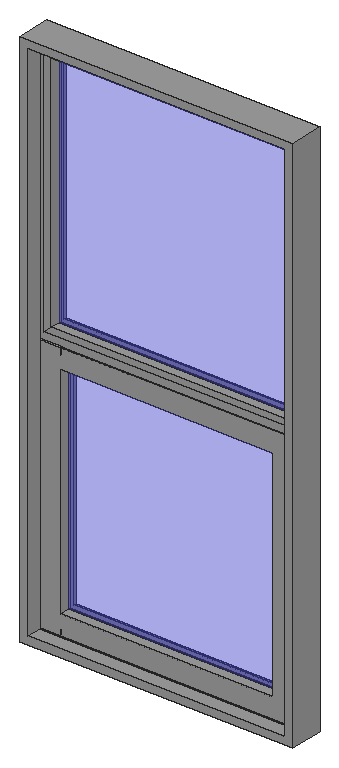
Revit family "16PL IP007_v02", category Windows, host Wall, Revit 2015
Parameters
  Wall Thickness [instance] = 0' - 6"
  URL = "obe.com"
  Transom Height = 3' - 0"
  Rough Width = Width + 0' 0 1/2"  # 3' - 0 1/2"
  Rough Height = Height + 0' 0 1/2"  # 6' - 0 1/2"
  Offset Limitation [instance] = if((Offset + 0' 4 1/2") > Wall Thickness, (Wall Thickness - 0' 4 1/2"), Offset)  # 0' - 0"
  Offset [instance] = 0' - 0"
  Model = "16PL IP007"
  Manufacturer = "Oldcastle BuildingEnvelope®"
  Keynote = "08 51 00"
  Height = Operable Height + Transom Height  # 6' - 0"
  Glass Material = Glass
  Gasket Material = Gasket
  Frame Material = Aluminum
  Operable Height = 3' - 0"
  Description = "SIGNATURE SERIES 16PL"
  Default Sill Height = 2' - 0"
  Wall Closure = By host
  Width = 3' - 0"
  Construction Type = ""
  Assembly Code = "B2020"
Reference planes (in)
  plane 1 "Center (Front/Back)": y = 0
  plane 2: z = 0
  plane 3 "Center (Left/Right)": x = 0
  plane 4 "Left": x = -18.25
  plane 5 "Right": x = 18.25
  plane 6 "Sill": z = 24
  plane 7 "Top": z = 96.5
  plane 8 "Offset": y = 3
  plane 9: x = 18
  plane 10: z = 96.25
  plane 11: x = -18
  plane 12: z = 24.25
  plane 13 "Center": z = 60.25
  plane 14: z = 27.5005
  plane 15: z = 57.812
  plane 16: z = 61.1875
  plane 17: z = 94.5
  plane 18 "INT": y = 1.53125
Forms (in)
  Sweep 1, solid, material "Aluminum" <- "Frame Material"
    path origin (0, 3, 0) x (1, 0, 0) y (0, 0, 1)
      loop
        line (-18, 60.25) -> (-18, 24)
    profile origin (-18, 3, 42.125) x (0, -1, 0) y (1, 0, 0)
      loop
        line (0, -0.25) -> (4.5, -0.25) -> (4.5, 0.75) -> (2.5, 0.75) -> (2.5, 1.375) -> (0.09375, 1.375) -> (0.09375, 2.25) -> (0, 2.25) -> (0, -0.25)
  Sweep 2, solid, material "Aluminum" <- "Frame Material"
    path origin (0, 3, 0) x (-1, 0, 0) y (0, 0, 1)
      loop
        line (-18, 60.25) -> (-18, 24)
    profile origin (18, 3, 42.125) x (0, -1, 0) y (1, 0, 0)
      loop
        line (0, 0.25) -> (0, -2.25) -> (0.09375, -2.25) -> (0.09375, -1.375) -> (2.5, -1.375) -> (2.5, -0.75) -> (4.5, -0.75) -> (4.5, 0.25) -> (0, 0.25)
  Sweep 3, solid, material "Aluminum" <- "Frame Material"
    path origin (0, 3, 0) x (1, 0, 0) y (0, 0, 1)
      loop
        line (18.25, 24.25) -> (-18.25, 24.25)
    profile origin (0, 3, 24.25) x (0, 0, -1) y (0, -1, 0)
      loop
        line (0.25, 0) -> (0.25, 4.5) -> (-0.75, 4.5) -> (-0.75, 2.5) -> (-1.375, 2.5) -> (-1.375, 0.09375) -> (-2.25, 0.09375) -> (-2.25, 0) -> (0.25, 0)
  Sweep 4, solid, material "Aluminum" <- "Frame Material"
    path origin (0, 3, 0) x (1, 0, 0) y (0, 0, 1)
      loop
        line (18, 96.5) -> (18, 60.25)
    profile origin (18, 3, 78.375) x (0, -1, 0) y (1, 0, 0)
      loop
        line (0, 0.25) -> (0, -2.25) -> (0.21875, -2.25) -> (0.21875, -1.75) -> (1.21875, -1.75) -> (1.21875, -2.2505) -> (2.484, -2.2505) -> (2.5, -1.3755) -> (2.5, -0.75) -> (4.5, -0.75) -> (4.5, 0.25) -> (0, 0.25)
  Sweep 5, solid, material "Aluminum" <- "Frame Material"
    path origin (0, 3, 0) x (-1, 0, 0) y (0, 0, 1)
      loop
        line (18, 96.5) -> (18, 60.25)
    profile origin (-18, 3, 78.375) x (0, -1, 0) y (1, 0, 0)
      loop
        line (0, -0.25) -> (4.5, -0.25) -> (4.5, 0.75) -> (2.5, 0.75) -> (2.5, 1.3755) -> (2.484, 2.2505) -> (1.21875, 2.2505) -> (1.21875, 1.75) -> (0.21875, 1.75) -> (0.21875, 2.25) -> (0, 2.25) -> (0, -0.25)
  Sweep 6, solid, material "Aluminum" <- "Frame Material"
    path origin (-84.44175, 3, 84.18689) x (0, 0, 1) y (1, 0, 0)
      loop
        line (12.06311, 102.69175) -> (12.06311, 66.19175)
    profile origin (0, 3, 96.25) x (0, 0, -1) y (0, -1, 0)
      loop
        line (-0.25, 0) -> (2.25, 0) -> (2.25, 0.21875) -> (1.75, 0.21875) -> (1.75, 1.21875) -> (2.2505, 1.21875) -> (2.2505, 2.484) -> (1.3755, 2.5) -> (0.75, 2.5) -> (0.75, 4.5) -> (-0.25, 4.5) -> (-0.25, 0)
  Sweep 7, solid, material "Aluminum" <- "Frame Material"
    path origin (0, 3, 0) x (1, 0, 0) y (0, 0, 1)
      loop
        line (18.25, 60.25) -> (-18.25, 60.25)
    profile origin (0, 3, 60.25) x (0, 0, -1) y (0, -1, 0)
      loop
        line (0, 0) -> (1.4375, 0) -> (1.4375, 0.09354) -> (0.5625, 0.09354) -> (0.5625, 2.5) -> (-0.5635, 2.5) -> (-1.4385, 2.484) -> (-1.4385, 1.21875) -> (-0.938, 1.21875) -> (-0.938, 0.21875) -> (-1.438, 0.21875) -> (-1.438, 0) -> (0, 0)
  Extrusion 8, solid, material "Glass" <- "Glass Material", detail levels coarse
    sketch origin (0, 0, 24) x (0, -1, 0) y (1, 0, 0)
      loop
        line (-2.53125, -14.7495) -> (-1.53125, -14.7495) -> (-1.53125, 14.7495) -> (-2.53125, 14.7495) -> (-2.53125, -14.7495)
    from 3.5005 to 33.812
  Extrusion 9, solid, material "Glass" <- "Glass Material", detail levels coarse
    sketch origin (0, 1.79251, 70.20306) x (0, -1, 0) y (1, 0, 0)
      loop
        line (-0.98874, -16.25) -> (0.01126, -16.25) -> (0.01126, 16.25) -> (-0.98874, 16.25) -> (-0.98874, -16.25)
    from -9.01556 to 24.29694
  Extrusion 10, solid, material "Glass" <- "Glass Material", detail levels medium+fine
    sketch origin (0, 0, 24) x (0, -1, 0) y (1, 0, 0)
      loop
        line (-2.53125, -14.7495) -> (-2.28125, -14.7495) -> (-2.28125, 14.7495) -> (-2.53125, 14.7495) -> (-2.53125, -14.7495)
      loop
        line (-1.76855, 14.7495) -> (-1.76855, -14.7495) -> (-1.53125, -14.7495) -> (-1.53125, 14.7495) -> (-1.76855, 14.7495)
    from 3.5005 to 33.812
  Extrusion 11, solid, material "Glass" <- "Glass Material", detail levels medium+fine
    sketch origin (0, 0, 0) x (1, 0, 0) y (0, 1, 0)
      loop
        line (-16.25, 2.78125) -> (-16.25, 2.53125) -> (16.25, 2.53125) -> (16.25, 2.78125) -> (-16.25, 2.78125)
      loop
        line (16.25, 2.01855) -> (-16.25, 2.01855) -> (-16.25, 1.78125) -> (16.25, 1.78125) -> (16.25, 2.01855)
    from 61.1875 to 94.5
  Sweep 12, solid, material "Aluminum" <- "Frame Material"
    path origin (0, 3, 0) x (1, 0, 0) y (0, 0, 1)
      loop
        line (18, 25.375) -> (18, 59.9375)
    profile origin (18, 3, 42.65625) x (-1, 0, 0) y (0, -1, 0)
      loop
        line (3.7505, 2.75) -> (1.125, 2.75) -> (1.125, 2.65625) -> (2.063, 2.65625) -> (2.063, 0.1875) -> (3.7505, 0.1875) -> (3.7505, 0.46875) -> (3.2505, 0.46875) -> (3.2505, 1.46875) -> (3.7505, 1.46875) -> (3.7505, 2.75)
  Sweep 13, solid, material "Aluminum" <- "Frame Material"
    path origin (0, 3, 0) x (1, 0, 0) y (0, 0, 1)
      loop
        line (-18, 25.375) -> (-18, 59.9375)
    profile origin (-18, 3, 42.65625) x (-1, 0, 0) y (0, -1, 0)
      loop
        line (-3.7505, 2.75) -> (-3.7505, 1.46875) -> (-3.2505, 1.46875) -> (-3.2505, 0.46875) -> (-3.7505, 0.46875) -> (-3.7505, 0.1875) -> (-2.063, 0.1875) -> (-2.063, 2.65625) -> (-1.125, 2.65625) -> (-1.125, 2.75) -> (-3.7505, 2.75)
  Sweep 14, solid, material "Aluminum" <- "Frame Material"
    path origin (0, 3, 0) x (1, 0, 0) y (0, 0, 1)
      loop
        line (16.875, 60.25) -> (-16.875, 60.25)
    profile origin (0, 3, 60.25) x (0, 0, -1) y (0, -1, 0)
      loop
        line (1.25048, 0.1875) -> (2.938, 0.1875) -> (2.938, 0.46875) -> (2.438, 0.46875) -> (2.438, 1.46875) -> (2.9385, 1.46875) -> (2.9385, 2.75) -> (0.3125, 2.75) -> (0.3125, 2.65625) -> (1.25048, 2.65625) -> (1.25048, 0.1875)
  Sweep 15, solid, material "Aluminum" <- "Frame Material"
    path origin (0, 3, 0) x (1, 0, 0) y (0, 0, 1)
      loop
        line (16.875, 24.25) -> (-16.875, 24.25)
    profile origin (0, 3, 24.25) x (0, 0, -1) y (0, -1, 0)
      loop
        line (-3.7505, 1.46875) -> (-3.2505, 1.46875) -> (-3.2505, 0.46875) -> (-3.7505, 0.46875) -> (-3.7505, 0.1875) -> (-2.063, 0.1875) -> (-2.063, 2.65625) -> (-1.125, 2.65625) -> (-1.125, 2.75) -> (-3.7505, 2.75) -> (-3.7505, 1.46875)
Cuts and joins
  joined: Sweep 1, Sweep 2, Sweep 3, Sweep 4, Sweep 5, Sweep 6, Sweep 7
  joined: Sweep 12, Sweep 13, Sweep 14, Sweep 15
Lines and regions (in)
  Opening 1
    outline origin (-60, -3, 0) x (1, 0, 0) y (0, 0, 1)
      loop
        line (41.75, 96.5) -> (41.75, 24) -> (78.25, 24) -> (78.25, 96.5) -> (41.75, 96.5)
  model lines, style "Opening Direction"
    curve 1: line (14.249, 1.53125, 57.3115) -> (0, 1.53125, 28.001)
    curve 2: line (0, 1.53125, 28.001) -> (-14.249, 1.53125, 57.3115)
Text (in)
  text "EXTERIOR" at (-58.6888, 50.90694, 0), in view "Ref. Level"
  text "INTERIOR" at (-58.6888, -52.00762, 0), in view "Ref. Level"
  text "Exterior" at (0, 43.65631, 123.19604), in view "Left"
  text "Exterior" at (0, 18.29385, 125.04747), in view "Right"
  text "Min Operable Size\n\n14\" width x 18\" height\n\n\n\nMin Fixed Size\n\n14\" x 14\"\n\n\n\nMax Operable Size\n\n72\" x 48\"\n\n\n\nMax Fixed Size\n\n72\" x 72\"\n\n\n\nMax Operable Area\n\n20 square feet" at (122.18692, 50.90694, 0), in view "Ref. Level"
Dimensions and locks (in)
  equal spacing: plane 4 "Left", plane 3 "Center (Left/Right)", plane 5 "Right"
  "Rough Width": plane 4 "Left" to plane 5 "Right"
  "Default Sill Height": plane 2 to plane 6 "Sill"
  "Offset Limitation": plane 8 "Offset" to host wall
  "Wall Thickness": host wall to host wall
  locked: plane 9 to plane 5 "Right" at 0.25
  locked: plane 6 "Sill" to plane 12 at 0.25
  "Operable Height": plane 12 to plane 13 "Center"
  "Transom Height": plane 13 "Center" to plane 10
  "Rough Height": plane 6 "Sill" to plane 7 "Top"
  "Width": plane 11 to plane 9
  Extrusion 8 sketch curve to Extrusion 8 sketch curve to plane 8 "Offset" = 0' - 1" locked, 0' - 0 15/32" locked
  locked: plane 14 to plane 12 at 3.2505
  plane 15 to plane 13 "Center" to plane 16 = 0' - 2.438" locked, 0' - 0 15/16" locked
  locked: Extrusion 9 sketch curve to Extrusion 9 sketch curve at 1
  locked: plane 10 to plane 17 at 1.75
  Extrusion 10 sketch curve to Extrusion 10 sketch curve to Extrusion 10 sketch curve to Extrusion 10 sketch curve to plane 8 "Offset" = 0' - 0.2373" locked, 0' - 0.5127" locked, 0' - 0 1/4" locked, 0' - 0 15/32" locked
  Extrusion 11 sketch curve to Extrusion 11 sketch curve to Extrusion 11 sketch curve to Extrusion 11 sketch curve to plane 8 "Offset" = 0' - 0.2373" locked, 0' - 0.5127" locked, 0' - 0 1/4" locked, 0' - 0 7/32" locked
  locked: plane 18 "INT" to plane 8 "Offset" at 1.46875
  aligned and locked: plane 7 "Top" to Opening 1 sketch curve
  aligned and locked: plane 6 "Sill" to Opening 1 sketch curve  (x2)
  aligned and locked: plane 5 "Right" to Opening 1 sketch curve
  aligned and locked: plane 4 "Left" to Opening 1 sketch curve
  aligned and locked: level to plane 2
  aligned and locked: nested 3 to plane 12
  aligned and locked: Sweep 2 sketch curve to plane 9
  aligned and locked: Sweep 4 sketch curve to plane 9
  aligned and locked: Sweep 5 sketch curve to plane 11
  aligned and locked: plane 10 to Sweep 6 sketch curve
  aligned and locked: plane 13 "Center" to Sweep 7 sketch curve
  aligned and locked: plane 15 to Extrusion 8
  aligned and locked: Extrusion 8 to plane 14
  aligned and locked: plane 17 to Extrusion 9
  aligned and locked: Extrusion 9 to plane 16
  aligned and locked: plane 8 "Offset" to nested 1
  aligned and locked: nested 1 to plane 6 "Sill"
  aligned and locked: plane 3 "Center (Left/Right)" to nested 3
  aligned and locked: plane 8 "Offset" to nested 3
  aligned and locked: nested 2 to plane 13 "Center"
  aligned and locked: Extrusion 10 to plane 14
  aligned and locked: plane 15 to Extrusion 10
  aligned and locked: plane 3 "Center (Left/Right)" to nested 2
  aligned and locked: plane 8 "Offset" to nested 2
  aligned and locked: Extrusion 11 to plane 16
  aligned and locked: plane 17 to Extrusion 11
  aligned and locked: Sweep 1 sketch curve to plane 11
  aligned and locked: plane 9 to Sweep 12 sketch curve
  aligned and locked: plane 11 to Sweep 13 sketch curve
  aligned and locked: plane 13 "Center" to Sweep 14 sketch curve
  aligned and locked: plane 12 to Sweep 15 sketch curve
Automatic sketch dimensions
  Sweep 1 sketch curve to plane 6 "Sill" = 0' - 0"
  Sweep 1 sketch curve to plane 13 "Center" = 0' - 0"
  plane 8 "Offset" to Sweep 1 sketch curve = 0' - 0"
  profile plane to Sweep 1 sketch curve = 0' - 0 1/4"
  Sweep 2 sketch curve to plane 6 "Sill" = 0' - 0"
  Sweep 2 sketch curve to plane 13 "Center" = 0' - 0"
  plane 8 "Offset" to Sweep 2 sketch curve = 0' - 0"
  Sweep 2 sketch curve to profile plane = 0' - 0 1/4"
  profile plane to Sweep 2 sketch curve = 0' - 0 3/4"
  plane 4 "Left" to Sweep 3 sketch curve = 0' - 0"
  plane 5 "Right" to Sweep 3 sketch curve = 0' - 0"
  Sweep 3 sketch curve to plane 12 = 0' - 0"
  profile plane to Sweep 3 sketch curve = 0' - 0 3/4"
  Sweep 4 sketch curve to plane 13 "Center" = 0' - 0"
  Sweep 4 sketch curve to plane 7 "Top" = 0' - 0"
  plane 8 "Offset" to Sweep 4 sketch curve = 0' - 0"
  plane 8 "Offset" to Sweep 4 sketch curve = 0' - 0 7/32"
  Sweep 4 sketch curve to Sweep 4 sketch curve = 0' - 1"
  Sweep 4 sketch curve to Sweep 4 sketch curve = 0' - 1.26525"
  profile plane to Sweep 4 sketch curve = 0' - 0 3/4"
  Sweep 4 sketch curve to Sweep 4 sketch curve = 0' - 0.016"
  Sweep 4 sketch curve to profile plane = 0' - 0 1/4"
  Sweep 4 sketch curve to Sweep 4 sketch curve = 0' - 2"
  Sweep 4 sketch curve to Sweep 4 sketch curve = 0' - 0.6255"
  Sweep 4 sketch curve to Sweep 4 sketch curve = 0' - 0.3745"
  Sweep 4 sketch curve to Sweep 4 sketch curve = 0' - 0 1/2"
  Sweep 4 sketch curve to Sweep 4 sketch curve = 0' - 0.5005"
  Sweep 5 sketch curve to plane 13 "Center" = 0' - 0"
  Sweep 5 sketch curve to plane 7 "Top" = 0' - 0"
  plane 8 "Offset" to Sweep 5 sketch curve = 0' - 0"
  plane 8 "Offset" to Sweep 5 sketch curve = 0' - 0 7/32"
  Sweep 5 sketch curve to Sweep 5 sketch curve = 0' - 1"
  Sweep 5 sketch curve to Sweep 5 sketch curve = 0' - 1.26525"
  Sweep 5 sketch curve to profile plane = 0' - 0 3/4"
  Sweep 5 sketch curve to Sweep 5 sketch curve = 0' - 0.016"
  profile plane to Sweep 5 sketch curve = 0' - 0 1/4"
  Sweep 5 sketch curve to Sweep 5 sketch curve = 0' - 2"
  Sweep 5 sketch curve to Sweep 5 sketch curve = 0' - 0.6255"
  Sweep 5 sketch curve to profile plane = 0' - 1 3/4"
  Sweep 5 sketch curve to Sweep 5 sketch curve = 0' - 0 1/2"
  Sweep 5 sketch curve to Sweep 5 sketch curve = 0' - 0.5005"
  plane 4 "Left" to Sweep 6 sketch curve = 0' - 0"
  plane 5 "Right" to Sweep 6 sketch curve = 0' - 0"
  Sweep 6 sketch curve to plane 8 "Offset" = 0' - 0"
  profile plane to Sweep 6 sketch curve = 0' - 0 1/4"
  Sweep 6 sketch curve to profile plane = 0' - 0 3/4"
  Sweep 6 sketch curve to Sweep 6 sketch curve = 0' - 0.6255"
  plane 8 "Offset" to Sweep 6 sketch curve = 0' - 0 7/32"
  Sweep 6 sketch curve to profile plane = 0' - 1 3/4"
  Sweep 6 sketch curve to Sweep 6 sketch curve = 0' - 0 1/2"
  Sweep 6 sketch curve to Sweep 6 sketch curve = 0' - 0.5005"
  Sweep 6 sketch curve to Sweep 6 sketch curve = 0' - 1"
  Sweep 6 sketch curve to Sweep 6 sketch curve = 0' - 1.26525"
  Sweep 6 sketch curve to Sweep 6 sketch curve = 0' - 0.016"
  Sweep 6 sketch curve to Sweep 6 sketch curve = 0' - 2"
  plane 4 "Left" to Sweep 7 sketch curve = 0' - 0"
  plane 5 "Right" to Sweep 7 sketch curve = 0' - 0"
  Extrusion 8 sketch curve to plane 11 = 0' - 3.2505"
  plane 9 to Extrusion 8 sketch curve = 0' - 3.2505"
  Extrusion 9 sketch curve to plane 11 = 0' - 1 3/4"
  plane 9 to Extrusion 9 sketch curve = 0' - 1 3/4"
  plane 8 "Offset" to Extrusion 9 sketch curve = 0' - 0 7/32"
  Extrusion 10 sketch curve to plane 11 = 0' - 3.2505"
  Extrusion 10 sketch curve to Extrusion 10 sketch curve = 0' - 0"  (x2)
  plane 9 to Extrusion 10 sketch curve = 0' - 3.2505"
  Extrusion 11 sketch curve to plane 11 = 0' - 1 3/4"
  Extrusion 11 sketch curve to Extrusion 11 sketch curve = 0' - 0"  (x2)
  plane 9 to Extrusion 11 sketch curve = 0' - 1 3/4"
  Sweep 1 sketch curve to Sweep 1 sketch curve = 0' - 2"
  Sweep 1 sketch curve to profile plane = 0' - 0 3/4"
  Sweep 1 sketch curve to Sweep 1 sketch curve = 0' - 0 5/8"
  plane 8 "Offset" to Sweep 1 sketch curve = 0' - 0 3/32"
  Sweep 1 sketch curve to Sweep 1 sketch curve = 0' - 2 13/32"
  Sweep 1 sketch curve to Sweep 1 sketch curve = 0' - 0 7/8"
  plane 8 "Offset" to Sweep 2 sketch curve = 0' - 2 1/2"
  Sweep 2 sketch curve to Sweep 2 sketch curve = 0' - 0 3/32"
  Sweep 2 sketch curve to Sweep 2 sketch curve = 0' - 2"
  Sweep 2 sketch curve to Sweep 2 sketch curve = 0' - 0 5/8"
  Sweep 2 sketch curve to Sweep 2 sketch curve = 0' - 0 7/8"
  plane 8 "Offset" to Sweep 3 sketch curve = 0' - 2 1/2"
  Sweep 3 sketch curve to Sweep 3 sketch curve = 0' - 0 5/8"
  Sweep 3 sketch curve to Sweep 3 sketch curve = 0' - 2"
  Sweep 3 sketch curve to Sweep 3 sketch curve = 0' - 0 7/8"
  Sweep 3 sketch curve to plane 8 "Offset" = 0' - 0"
  Sweep 3 sketch curve to profile plane = 0' - 0 1/4"
  Sweep 3 sketch curve to Sweep 3 sketch curve = 0' - 0 3/32"
  Sweep 7 sketch curve to plane 8 "Offset" = 0' - 0"
  Sweep 7 sketch curve to profile plane = 0' - 0"
  profile plane to Sweep 7 sketch curve = 0' - 0.5635"
  plane 8 "Offset" to Sweep 7 sketch curve = 0' - 0 7/32"
  profile plane to Sweep 7 sketch curve = 0' - 0.938"
  Sweep 7 sketch curve to Sweep 7 sketch curve = 0' - 0 1/2"
  Sweep 7 sketch curve to Sweep 7 sketch curve = 0' - 0 7/8"  (x2)
  Sweep 7 sketch curve to Sweep 7 sketch curve = 0' - 1"
  Sweep 7 sketch curve to Sweep 7 sketch curve = 0' - 1.26525"
  Sweep 7 sketch curve to Sweep 7 sketch curve = 0' - 0.016"
  Sweep 7 sketch curve to profile plane = 0' - 0 9/16"
  Sweep 7 sketch curve to Sweep 7 sketch curve = 0' - 0.09354"
  Sweep 12 sketch curve to plane 12 = 0' - 1 1/8"
  plane 13 "Center" to Sweep 12 sketch curve = 0' - 0 5/16"
  Sweep 12 sketch curve to profile plane = 0' - 1 1/8"
  Sweep 12 sketch curve to Sweep 12 sketch curve = 0' - 0.938"
  Sweep 12 sketch curve to Sweep 12 sketch curve = 0' - 1 3/16"  (x2)
  Sweep 12 sketch curve to Sweep 12 sketch curve = 0' - 0 1/2"  (x2)
  plane 8 "Offset" to Sweep 12 sketch curve = 0' - 0 3/16"
  Sweep 12 sketch curve to Sweep 12 sketch curve = 0' - 0 9/32"
  Sweep 12 sketch curve to Sweep 12 sketch curve = 0' - 1"
  Sweep 12 sketch curve to Sweep 12 sketch curve = 0' - 0 3/32"
  Sweep 13 sketch curve to plane 12 = 0' - 1 1/8"
  plane 13 "Center" to Sweep 13 sketch curve = 0' - 0 5/16"
  profile plane to Sweep 13 sketch curve = 0' - 1 1/8"
  Sweep 13 sketch curve to Sweep 13 sketch curve = 0' - 2.6255"
  Sweep 13 sketch curve to Sweep 13 sketch curve = 0' - 0 3/32"
  Sweep 13 sketch curve to Sweep 13 sketch curve = 0' - 2 15/32"
  plane 8 "Offset" to Sweep 13 sketch curve = 0' - 0 3/16"
  Sweep 13 sketch curve to Sweep 13 sketch curve = 0' - 1 11/16"
  Sweep 13 sketch curve to Sweep 13 sketch curve = 0' - 0 9/32"
  Sweep 13 sketch curve to Sweep 13 sketch curve = 0' - 0 1/2"
  Sweep 13 sketch curve to Sweep 13 sketch curve = 0' - 1"
  Sweep 13 sketch curve to Sweep 13 sketch curve = 0' - 0"
  Sweep 14 sketch curve to plane 11 = 0' - 1 1/8"
  plane 9 to Sweep 14 sketch curve = 0' - 1 1/8"
  Sweep 14 sketch curve to profile plane = 0' - 0 5/16"
  Sweep 14 sketch curve to Sweep 14 sketch curve = 0' - 0.93798"
  Sweep 14 sketch curve to Sweep 14 sketch curve = 0' - 1 3/16"  (x2)
  Sweep 14 sketch curve to Sweep 14 sketch curve = 0' - 1"
  Sweep 14 sketch curve to Sweep 14 sketch curve = 0' - 0 3/32"
  Sweep 14 sketch curve to Sweep 14 sketch curve = 0' - 0 1/2"
  Sweep 14 sketch curve to Sweep 14 sketch curve = 0' - 0.5005"
  plane 8 "Offset" to Sweep 14 sketch curve = 0' - 0 3/16"
  Sweep 14 sketch curve to Sweep 14 sketch curve = 0' - 0 9/32"
  Sweep 15 sketch curve to plane 11 = 0' - 1 1/8"
  plane 9 to Sweep 15 sketch curve = 0' - 1 1/8"
  profile plane to Sweep 15 sketch curve = 0' - 1 1/8"
  Sweep 15 sketch curve to Sweep 15 sketch curve = 0' - 2.6255"
  Sweep 15 sketch curve to Sweep 15 sketch curve = 0' - 0 3/32"
  Sweep 15 sketch curve to Sweep 15 sketch curve = 0' - 1 9/32"
  Sweep 15 sketch curve to Sweep 15 sketch curve = 0' - 1 11/16"
  Sweep 15 sketch curve to Sweep 15 sketch curve = 0' - 2 15/32"
  plane 8 "Offset" to Sweep 15 sketch curve = 0' - 0 3/16"
  Sweep 15 sketch curve to Sweep 15 sketch curve = 0' - 0"
  Sweep 15 sketch curve to Sweep 15 sketch curve = 0' - 0 9/32"
  Sweep 15 sketch curve to Sweep 15 sketch curve = 0' - 0 1/2"
  curve 2 to plane 3 "Center (Left/Right)" = 0' - 0"
  plane 14 to curve 1 = 0' - 0.5005"
  curve 2 to plane 15 = 0' - 0.5005"
  curve 2 to plane 11 = 0' - 3.751"
  curve 1 to plane 15 = 0' - 0.5005"
  plane 9 to curve 1 = 0' - 3.751"
Nested families (in)
  nested 1: "S-16PL-Plan View" at (0, 3, 0), Default Sill Height <- "Default Sill Height", Operable Height <- "Operable Height", Width <- "Width", type "S-16PL-Plan View"
    with Width 3' - 0", Operable Height 3' - 0", Default Sill Height 2' - 0"
  nested 2: "S-16PL-Transom View" at (0, 3, 24.25), Transom Height <- "Transom Height", Width <- "Width", Operable Height <- "Operable Height", type "S-16PL-Transom View"
    with Width 3' - 0", Transom Height 3' - 0", Operable Height 3' - 0"
  nested 3: "S-16PL-Section Fixed_Operable" at (0, 3, 0.25), Default Sill Height <- "Default Sill Height", Operable Height <- "Operable Height", Transom Height <- "Transom Height", Width <- "Width", type "S-16PL-Section Fixed_Operable"
    with Width 3' - 0", Transom Height 3' - 0", Operable Height 3' - 0", Default Sill Height 2' - 0"
Definition of nested family "S-16PL-Plan View"
  Parameters (values of type "S-16PL-Plan View")
    Width [instance] = 2' - 0"
    Operable Height [instance] = 3' - 0"
    Default Sill Height [instance] = 3' - 0"
    Analytic Construction = "<None>"
  Reference planes (in)
    plane 1 "Center (Front/Back)": y = 0
    plane 2: z = 0
    plane 3 "Center (Left/Right)": x = 0
    plane 4: z = 36
    plane 5: z = 72
  Lines and regions (in)
    model lines, not visible
      curve 1: line (0, 0, 72) -> (0, 0, 36)
  Dimensions and locks (in)
    "Default Sill Height": plane 4 to level
    "Operable Height": plane 5 to plane 4
    aligned and locked: plane 2 to level
    aligned and locked: plane 3 "Center (Left/Right)" to nested 1
    aligned and locked: plane 1 "Center (Front/Back)" to nested 1
    aligned and locked: plane 4 to curve 1
    aligned and locked: plane 5 to curve 1
    aligned and locked: curve 1 to plane 1 "Center (Front/Back)"
  Nested families (in)
    nested 1: "S-16PL-Plan View" at (-12, 0, 0), Width <- "Width", type "S-16PL-Plan View"
      with Width 2' - 0"
  Definition of nested family "S-16PL-Plan View"
    Parameters (values of type "S-16PL-Plan View")
      Width [instance] = 2' - 0"
    Reference planes (in)
      plane 1 "Center (Front/Back)": y = 0
      plane 2: z = 0
      plane 3 "C": x = 0
      plane 4: x = 24
      plane 5: x = 20.7495
      plane 6: x = 3.2505
      plane 7 "Center (Left/Right)": x = 12
    Lines and regions (in)
      detail lines, in view "Ref. Level"
        curve 1: line (20.7495, -1.46875, 0) -> (3.2505, -1.46875, 0)
        curve 10: line (20.7495, -0.46875, 0) -> (3.2505, -0.46875, 0)
      detail lines, in view "Ref. Level", detail levels fine
        curve 2: line (20.7495, -1.41145, 0) -> (3.2505, -1.41145, 0)
        curve 3: line (20.7495, -1.35145, 0) -> (3.2505, -1.35145, 0)
        curve 4: line (20.7495, -1.29145, 0) -> (3.2505, -1.29145, 0)
        curve 7: line (20.7495, -0.64875, 0) -> (3.2505, -0.64875, 0)
        curve 8: line (20.7495, -0.58875, 0) -> (3.2505, -0.58875, 0)
        curve 9: line (20.7495, -0.52875, 0) -> (3.2505, -0.52875, 0)
      detail lines, in view "Ref. Level", detail levels medium+fine
        curve 5: line (20.7495, -1.23145, 0) -> (3.2505, -1.23145, 0)
        curve 6: line (20.7495, -0.71875, 0) -> (3.2505, -0.71875, 0)
    Dimensions and locks (in)
      "Width": plane 3 "C" to plane 4
      locked: plane 3 "C" to plane 6 at 3.2505
      locked: plane 5 to plane 4 at 3.2505
      equal spacing: plane 3 "C", plane 7 "Center (Left/Right)", plane 4
      aligned and locked: nested 1 to plane 4
      aligned and locked: nested 1 to plane 1 "Center (Front/Back)"
      aligned and locked: nested 2 to plane 1 "Center (Front/Back)"
      aligned and locked: nested 2 to plane 3 "C"
      aligned and locked: plane 6 to curve 1
      aligned and locked: plane 6 to curve 2
      aligned and locked: plane 6 to curve 3
      aligned and locked: plane 6 to curve 4
      aligned and locked: plane 6 to curve 5
      aligned and locked: plane 6 to curve 6
      aligned and locked: plane 6 to curve 7
      aligned and locked: plane 6 to curve 8
      aligned and locked: plane 6 to curve 9
      aligned and locked: plane 6 to curve 10
      aligned and locked: plane 5 to curve 10
      aligned and locked: plane 5 to curve 9
      aligned and locked: plane 5 to curve 8
      aligned and locked: plane 5 to curve 7
      aligned and locked: plane 5 to curve 6
      aligned and locked: plane 5 to curve 5
      aligned and locked: plane 5 to curve 4
      aligned and locked: plane 5 to curve 3
      aligned and locked: plane 5 to curve 2
      aligned and locked: plane 5 to curve 1
    Automatic sketch dimensions
      plane 1 "Center (Front/Back)" to curve 1 = 0' - 1 15/32"
      curve 1 to curve 2 = 0' - 0.0573"
      curve 2 to curve 3 = 0' - 0.06"
      curve 3 to curve 4 = 0' - 0.06"
      curve 4 to curve 5 = 0' - 0.06"
      curve 5 to curve 6 = 0' - 0.5127"
      curve 6 to curve 7 = 0' - 0.07"
      curve 7 to curve 8 = 0' - 0.06"
      curve 8 to curve 9 = 0' - 0.06"
      curve 9 to curve 10 = 0' - 0.06"
    Nested families (in)
      nested 1: "S-16PL-JAMB L" at (24, 0, 0) x (-1, 0, 0) z (0, 0, 1), type "S-16PL-JAMB L", in view "Ref. Level"
      nested 2: "S-16PL-JAMB R" at (0, 0, 0) x (-1, 0, 0) z (0, 0, 1), type "S-16PL-JAMB R", in view "Ref. Level"
    Definition of nested family "S-16PL-JAMB L"
      Reference planes (in)
        plane 1 "Center (Front/Back)": y = 0
        plane 2: z = 0
        plane 3 "Center (Left/Right)": x = 0
      Lines and regions (in)
        detail lines, in view "Ref. Level"
          curve 1: line (2.8755, 2.75, 0) -> (1.125, 2.75, 0)
          curve 2: line (1.125, 2.75, 0) -> (1.125, 2.5, 0)
          curve 3: line (1.125, 2.5, 0) -> (0.75, 2.5, 0)
          curve 4: line (0.75, 2.5, 0) -> (0.75, 4.5, 0)
          curve 5: line (0.75, 4.5, 0) -> (-0.25, 4.5, 0)
          curve 6: line (-0.25, 4.5, 0) -> (-0.25, 0, 0)
          curve 7: line (-0.25, 0, 0) -> (2.25, 0, 0)
          curve 8: line (2.25, 0, 0) -> (2.25, 0.1875, 0)
          curve 9: line (2.25, 0.1875, 0) -> (3.7505, 0.1875, 0)
          curve 10: line (3.7505, 0.1875, 0) -> (3.7505, 0.46875, 0)
          curve 11: line (3.7505, 0.46875, 0) -> (3.2505, 0.46875, 0)
          curve 12: line (3.2505, 0.46875, 0) -> (3.2505, 1.46875, 0)
          curve 13: line (3.2505, 1.46875, 0) -> (3.7505, 1.46875, 0)
          curve 14: line (3.7505, 1.46875, 0) -> (3.7505, 2.734, 0)
          curve 15: line (3.7505, 2.734, 0) -> (2.8755, 2.75, 0)
    Definition of nested family "S-16PL-JAMB R"
      Reference planes (in)
        plane 1 "Center (Front/Back)": y = 0
        plane 2: z = 0
        plane 3 "Center (Left/Right)": x = 0
      Lines and regions (in)
        detail lines, in view "Ref. Level"
          curve 1: line (-2.8755, 2.75, 0) -> (-1.125, 2.75, 0)
          curve 2: line (-1.125, 2.75, 0) -> (-1.125, 2.5, 0)
          curve 3: line (-1.125, 2.5, 0) -> (-0.75, 2.5, 0)
          curve 4: line (-0.75, 2.5, 0) -> (-0.75, 4.5, 0)
          curve 5: line (-0.75, 4.5, 0) -> (0.25, 4.5, 0)
          curve 6: line (0.25, 4.5, 0) -> (0.25, 0, 0)
          curve 7: line (0.25, 0, 0) -> (-2.25, 0, 0)
          curve 8: line (-2.25, 0, 0) -> (-2.25, 0.1875, 0)
          curve 9: line (-2.25, 0.1875, 0) -> (-3.7505, 0.1875, 0)
          curve 10: line (-3.7505, 0.1875, 0) -> (-3.7505, 0.46875, 0)
          curve 11: line (-3.7505, 0.46875, 0) -> (-3.2505, 0.46875, 0)
          curve 12: line (-3.2505, 0.46875, 0) -> (-3.2505, 1.46875, 0)
          curve 13: line (-3.2505, 1.46875, 0) -> (-3.7505, 1.46875, 0)
          curve 14: line (-3.7505, 1.46875, 0) -> (-3.7505, 2.734, 0)
          curve 15: line (-3.7505, 2.734, 0) -> (-2.8755, 2.75, 0)
Definition of nested family "S-16PL-Transom View"
  Parameters (values of type "S-16PL-Transom View")
    Width [instance] = 2' - 0"
    Transom Height [instance] = 2' - 0"
    Operable Height [instance] = 2' - 0"
    Analytic Construction = "<None>"
  Reference planes (in)
    plane 1 "Center (Front/Back)": y = 0
    plane 2: z = 0
    plane 3 "Center (Left/Right)": x = 0
    plane 4: z = 24
  Lines and regions (in)
    model lines, not visible
      curve 1: line (0, 0, 24) -> (0, 0, 48)
  Dimensions and locks (in)
    "Operable Height": plane 4 to plane 2
    "Transom Height": curve 1 to plane 4
    aligned and locked: plane 2 to level
    aligned and locked: plane 3 "Center (Left/Right)" to nested 1
    aligned and locked: plane 1 "Center (Front/Back)" to nested 1
    aligned and locked: plane 4 to curve 1
    aligned and locked: plane 1 "Center (Front/Back)" to curve 1
  Nested families (in)
    nested 1: "S-16PL-Transom View" at (-12, 0, 0), Width <- "Width", type "S-16PL-Transom View"
      with Width 2' - 0"
  Definition of nested family "S-16PL-Transom View"
    Parameters (values of type "S-16PL-Transom View")
      Width [instance] = 2' - 0"
    Reference planes (in)
      plane 1 "Center (Front/Back)": y = 0
      plane 2: z = 0
      plane 3 "C": x = 0
      plane 4: x = 24
      plane 5: x = 22.25
      plane 6: x = 1.75
      plane 7 "Center (Left/Right)": x = 12
    Lines and regions (in)
      detail lines, in view "Ref. Level"
        curve 1: line (22.25, -1.21875, 0) -> (1.75, -1.21875, 0)
        curve 10: line (22.25, -0.21875, 0) -> (1.75, -0.21875, 0)
      detail lines, in view "Ref. Level", detail levels fine
        curve 2: line (22.25, -1.16145, 0) -> (1.75, -1.16145, 0)
        curve 3: line (22.25, -1.10145, 0) -> (1.75, -1.10145, 0)
        curve 4: line (22.25, -1.04145, 0) -> (1.75, -1.04145, 0)
        curve 7: line (22.25, -0.39875, 0) -> (1.75, -0.39875, 0)
        curve 8: line (22.25, -0.33875, 0) -> (1.75, -0.33875, 0)
        curve 9: line (22.25, -0.27875, 0) -> (1.75, -0.27875, 0)
      detail lines, in view "Ref. Level", detail levels medium+fine
        curve 5: line (22.25, -0.98145, 0) -> (1.75, -0.98145, 0)
        curve 6: line (22.25, -0.46875, 0) -> (1.75, -0.46875, 0)
    Dimensions and locks (in)
      "Width": plane 3 "C" to plane 4
      locked: plane 3 "C" to plane 6 at 1.75
      locked: plane 5 to plane 4 at 1.75
      equal spacing: plane 3 "C", plane 7 "Center (Left/Right)", plane 4
      aligned and locked: nested 1 to plane 1 "Center (Front/Back)"
      aligned and locked: nested 1 to plane 4
      aligned and locked: nested 2 to plane 1 "Center (Front/Back)"
      aligned and locked: nested 2 to plane 3 "C"
      aligned and locked: plane 6 to curve 1
      aligned and locked: plane 6 to curve 2
      aligned and locked: plane 6 to curve 3
      aligned and locked: plane 6 to curve 4
      aligned and locked: plane 6 to curve 5
      aligned and locked: plane 6 to curve 6
      aligned and locked: plane 6 to curve 8
      aligned and locked: plane 6 to curve 7
      aligned and locked: plane 6 to curve 9
      aligned and locked: plane 6 to curve 10
      aligned and locked: plane 5 to curve 10
      aligned and locked: plane 5 to curve 9
      aligned and locked: plane 5 to curve 8
      aligned and locked: plane 5 to curve 7
      aligned and locked: plane 5 to curve 6
      aligned and locked: plane 5 to curve 5
      aligned and locked: plane 5 to curve 4
      aligned and locked: plane 5 to curve 3
      aligned and locked: plane 5 to curve 2
      aligned and locked: plane 5 to curve 1
    Automatic sketch dimensions
      plane 1 "Center (Front/Back)" to curve 1 = 0' - 1 7/32"
      curve 1 to curve 2 = 0' - 0.0573"
      curve 2 to curve 3 = 0' - 0.06"
      curve 3 to curve 4 = 0' - 0.06"
      curve 4 to curve 5 = 0' - 0.06"
      plane 1 "Center (Front/Back)" to curve 6 = 0' - 0 15/32"
      curve 6 to curve 7 = 0' - 0.07"
      curve 7 to curve 8 = 0' - 0.06"
      curve 8 to curve 9 = 0' - 0.06"
      curve 9 to curve 10 = 0' - 0.06"
    Nested families (in)
      nested 1: "S-16PL-JAMB L" at (24, 0, 0) x (-1, 0, 0) z (0, 0, 1), type "S-16PL-JAMB L", in view "Ref. Level"
      nested 2: "S-16PL-JAMB R" at (0, 0, 0) x (-1, 0, 0) z (0, 0, 1), type "S-16PL-JAMB R", in view "Ref. Level"
    Definition of nested family "S-16PL-JAMB L"
      Reference planes (in)
        plane 1 "Center (Front/Back)": y = 0
        plane 2: z = 0
        plane 3 "Center (Left/Right)": x = 0
      Lines and regions (in)
        detail lines, in view "Ref. Level"
          curve 1: line (0.75, 4.5, 0) -> (-0.25, 4.5, 0)
          curve 2: line (-0.25, 4.5, 0) -> (-0.25, 0, 0)
          curve 3: line (-0.25, 0, 0) -> (2.25, 0, 0)
          curve 4: line (2.25, 0, 0) -> (2.25, 0.21875, 0)
          curve 5: line (2.25, 0.21875, 0) -> (1.75, 0.21875, 0)
          curve 6: line (1.75, 0.21875, 0) -> (1.75, 1.21875, 0)
          curve 7: line (1.75, 1.21875, 0) -> (2.25, 1.21875, 0)
          curve 8: line (2.25, 1.21875, 0) -> (2.25, 2.484, 0)
          curve 9: line (2.25, 2.484, 0) -> (1.3755, 2.5, 0)
          curve 10: line (1.3755, 2.5, 0) -> (0.75, 2.5, 0)
          curve 11: line (0.75, 2.5, 0) -> (0.75, 4.5, 0)
    Definition of nested family "S-16PL-JAMB R"
      Reference planes (in)
        plane 1 "Center (Front/Back)": y = 0
        plane 2: z = 0
        plane 3 "Center (Left/Right)": x = 0
      Lines and regions (in)
        detail lines, in view "Ref. Level"
          curve 1: line (-0.75, 4.5, 0) -> (0.25, 4.5, 0)
          curve 2: line (0.25, 4.5, 0) -> (0.25, 0, 0)
          curve 3: line (0.25, 0, 0) -> (-2.25, 0, 0)
          curve 4: line (-2.25, 0, 0) -> (-2.25, 0.21875, 0)
          curve 5: line (-2.25, 0.21875, 0) -> (-1.75, 0.21875, 0)
          curve 6: line (-1.75, 0.21875, 0) -> (-1.75, 1.21875, 0)
          curve 7: line (-1.75, 1.21875, 0) -> (-2.25, 1.21875, 0)
          curve 8: line (-2.25, 1.21875, 0) -> (-2.25, 2.484, 0)
          curve 9: line (-2.25, 2.484, 0) -> (-1.3755, 2.5, 0)
          curve 10: line (-1.3755, 2.5, 0) -> (-0.75, 2.5, 0)
          curve 11: line (-0.75, 2.5, 0) -> (-0.75, 4.5, 0)
Definition of nested family "S-16PL-Section Fixed_Operable"
  Parameters (values of type "S-16PL-Section Fixed_Operable")
    Width [instance] = 3' - 0"
    Transom Height [instance] = 2' - 0"
    Operable Height [instance] = 3' - 0"
    Default Sill Height [instance] = 3' - 0"
    Analytic Construction = "<None>"
  Reference planes (in)
    plane 1 "Center (Front/Back)": y = 0
    plane 2: z = 0
    plane 3 "Center (Left/Right)": x = 0
    plane 4: z = 36
  Lines and regions (in)
    model lines, not visible
      curve 1: line (-18, 0, 0) -> (18, 0, 0)
  Dimensions and locks (in)
    "Default Sill Height": plane 4 to plane 2
    equal spacing: curve 1, plane 3 "Center (Left/Right)", curve 1
    "Width": curve 1 to curve 1
    aligned and locked: plane 2 to level
    aligned and locked: plane 4 to nested 1
    aligned and locked: nested 1 to plane 1 "Center (Front/Back)"
    aligned and locked: plane 1 "Center (Front/Back)" to curve 1
  Nested families (in)
    nested 1: "S-16PL-Section Fixed_Operable" at (0, 0, 36) x (0, -1, 0) z (1, 0, 0), Operable Height <- "Operable Height", Transom Height <- "Transom Height", type "S-16PL-Section Fixed_Operable"
      with Transom Height 2' - 0"
  Definition of nested family "S-16PL-Section Fixed_Operable"
    Parameters (values of type "S-16PL-Section Fixed_Operable")
      Transom Height [instance] = 2' - 0"
      Operable Height [instance] = 3' - 0"
    Reference planes (in)
      plane 1 "Center (Front/Back)": y = 0
      plane 2: z = 0
      plane 3 "Center (Left/Right)": x = 0
      plane 4: y = 60
      plane 5: y = 58.25
      plane 6: y = 3.2505
      plane 7: y = 36
      plane 8: y = 36.9375
      plane 9: y = 33.562
    Lines and regions (in)
      detail lines, in view "Ref. Level"
        curve 1: line (0.21875, 58.25, 0) -> (0.21875, 36.9375, 0)
        curve 10: line (1.21875, 58.25, 0) -> (1.21875, 36.9375, 0)
        curve 11: line (0.46875, 33.562, 0) -> (0.46875, 3.2505, 0)
        curve 20: line (1.46875, 33.562, 0) -> (1.46875, 3.2505, 0)
      detail lines, in view "Ref. Level", detail levels fine
        curve 2: line (0.27605, 58.25, 0) -> (0.27605, 36.9375, 0)
        curve 3: line (0.39605, 58.25, 0) -> (0.39605, 36.9375, 0)
        curve 4: line (0.33605, 58.25, 0) -> (0.33605, 36.9375, 0)
        curve 6: line (1.03875, 58.25, 0) -> (1.03875, 36.9375, 0)
        curve 8: line (1.15875, 58.25, 0) -> (1.15875, 36.9375, 0)
        curve 9: line (1.09875, 58.25, 0) -> (1.09875, 36.9375, 0)
        curve 12: line (0.52605, 33.562, 0) -> (0.52605, 3.2505, 0)
        curve 13: line (0.64605, 33.562, 0) -> (0.64605, 3.2505, 0)
        curve 14: line (0.58605, 33.562, 0) -> (0.58605, 3.2505, 0)
        curve 16: line (1.28875, 33.562, 0) -> (1.28875, 3.2505, 0)
        curve 18: line (1.40875, 33.562, 0) -> (1.40875, 3.2505, 0)
        curve 19: line (1.34875, 33.562, 0) -> (1.34875, 3.2505, 0)
      detail lines, in view "Ref. Level", detail levels medium+fine
        curve 5: line (0.45605, 58.25, 0) -> (0.45605, 36.9375, 0)
        curve 7: line (0.96875, 58.25, 0) -> (0.96875, 36.9375, 0)
        curve 15: line (0.70605, 33.562, 0) -> (0.70605, 3.2505, 0)
        curve 17: line (1.21875, 33.562, 0) -> (1.21875, 3.2505, 0)
    Dimensions and locks (in)
      "Operable Height": plane 1 "Center (Front/Back)" to plane 7
      locked: plane 6 to plane 1 "Center (Front/Back)" at 3.2505
      locked: plane 4 to plane 5 at 1.75
      "Transom Height": plane 4 to plane 7
      plane 8 to plane 7 to plane 9 = 0' - 0 15/16" locked, 0' - 2.438" locked
      aligned and locked: plane 3 "Center (Left/Right)" to nested 1
      aligned and locked: nested 1 to plane 7
      aligned and locked: plane 3 "Center (Left/Right)" to nested 2
      aligned and locked: nested 2 to plane 4
      aligned and locked: plane 5 to curve 10
      aligned and locked: plane 5 to curve 8
      aligned and locked: plane 5 to curve 9
      aligned and locked: plane 5 to curve 6
      aligned and locked: plane 5 to curve 7
      aligned and locked: plane 5 to curve 5
      aligned and locked: plane 5 to curve 3
      aligned and locked: plane 5 to curve 4
      aligned and locked: plane 5 to curve 2
      aligned and locked: plane 5 to curve 1
      aligned and locked: plane 8 to curve 10
      aligned and locked: plane 8 to curve 8
      aligned and locked: plane 8 to curve 9
      aligned and locked: plane 8 to curve 6
      aligned and locked: plane 8 to curve 7
      aligned and locked: plane 8 to curve 5
      aligned and locked: plane 8 to curve 3
      aligned and locked: plane 8 to curve 4
      aligned and locked: plane 8 to curve 2
      aligned and locked: plane 8 to curve 1
      aligned and locked: plane 9 to curve 20
      aligned and locked: plane 9 to curve 19
      aligned and locked: plane 9 to curve 16
      aligned and locked: plane 9 to curve 17
      aligned and locked: plane 9 to curve 15
      aligned and locked: plane 9 to curve 13
      aligned and locked: plane 9 to curve 14
      aligned and locked: plane 9 to curve 11
      aligned and locked: plane 3 "Center (Left/Right)" to nested 3
      aligned and locked: plane 1 "Center (Front/Back)" to nested 3
      aligned and locked: plane 6 to curve 20
      aligned and locked: plane 6 to curve 18
      aligned and locked: plane 6 to curve 19
      aligned and locked: plane 6 to curve 16
      aligned and locked: plane 6 to curve 17
      aligned and locked: plane 6 to curve 15
      aligned and locked: plane 6 to curve 13
      aligned and locked: plane 6 to curve 14
      aligned and locked: plane 6 to curve 12
      aligned and locked: plane 6 to curve 11
    Automatic sketch dimensions
      plane 3 "Center (Left/Right)" to curve 1 = 0' - 0 7/32"
      curve 1 to curve 2 = 0' - 0.0573"
      curve 2 to curve 4 = 0' - 0.06"
      curve 4 to curve 3 = 0' - 0.06"
      curve 3 to curve 5 = 0' - 0.06"
      curve 5 to curve 7 = 0' - 0.5127"
      curve 7 to curve 6 = 0' - 0.07"
      plane 3 "Center (Left/Right)" to curve 11 = 0' - 0 15/32"
      curve 6 to curve 9 = 0' - 0.06"
      curve 11 to curve 12 = 0' - 0.0573"
      curve 9 to curve 8 = 0' - 0.06"
      curve 12 to curve 14 = 0' - 0.06"
      curve 8 to curve 10 = 0' - 0.06"
      curve 14 to curve 13 = 0' - 0.06"
      curve 13 to curve 15 = 0' - 0.06"
      curve 15 to curve 17 = 0' - 0.5127"
      curve 17 to curve 16 = 0' - 0.07"
      curve 16 to curve 19 = 0' - 0.06"
      curve 19 to curve 18 = 0' - 0.06"
      curve 18 to curve 20 = 0' - 0.06"
      curve 12 to curve 14 = 0' - 0"
      curve 18 to curve 20 = 0' - 0"
    Nested families (in)
      nested 1: "S-16PL-HORIZ" at (0, 36, 0), type "S-16PL-HORIZ", in view "Ref. Level"
      nested 2: "S-16PL-HEAD" at (0, 60, 0), type "S-16PL-HEAD", in view "Ref. Level"
      nested 3: "S-16PL-SILL" at (0, 0, 0), type "S-16PL-SILL", in view "Ref. Level"
    Definition of nested family "S-16PL-HORIZ"
      Reference planes (in)
        plane 1 "Center (Front/Back)": y = 0
        plane 2: z = 0
        plane 3 "Center (Left/Right)": x = 0
      Lines and regions (in)
        detail lines, in view "Ref. Level"
          curve 1: line (2.484, 1.438, 0) -> (1.21875, 1.438, 0)
          curve 2: line (1.21875, 1.438, 0) -> (1.21875, 0.9375, 0)
          curve 3: line (1.21875, 0.9375, 0) -> (0.21875, 0.9375, 0)
          curve 4: line (0.21875, 0.9375, 0) -> (0.21875, 1.438, 0)
          curve 5: line (0.21875, 1.438, 0) -> (0, 1.438, 0)
          curve 6: line (0, 1.438, 0) -> (0, -1.4375, 0)
          curve 7: line (0, -1.4375, 0) -> (0.1875, -1.4375, 0)
          curve 8: line (0.1875, -1.4375, 0) -> (0.1875, -2.938, 0)
          curve 9: line (0.1875, -2.938, 0) -> (0.46875, -2.9385, 0)
          curve 10: line (0.46875, -2.9385, 0) -> (0.46875, -2.438, 0)
          curve 11: line (0.46875, -2.438, 0) -> (1.46875, -2.438, 0)
          curve 12: line (1.46875, -2.438, 0) -> (1.46875, -2.9385, 0)
          curve 13: line (1.46875, -2.9385, 0) -> (2.734, -2.9385, 0)
          curve 14: line (2.734, -2.9385, 0) -> (2.75, -2.063, 0)
          curve 15: line (2.75, -2.063, 0) -> (2.75, -0.3125, 0)
          curve 16: line (2.75, -0.3125, 0) -> (2.5, -0.3125, 0)
          curve 17: line (2.5, -0.3125, 0) -> (2.5, 0.563, 0)
          curve 18: line (2.5, 0.563, 0) -> (2.484, 1.438, 0)
    Definition of nested family "S-16PL-HEAD"
      Reference planes (in)
        plane 1 "Center (Front/Back)": y = 0
        plane 2: z = 0
        plane 3 "Center (Left/Right)": x = 0
      Lines and regions (in)
        detail lines, in view "Ref. Level"
          curve 1: line (2.5, -0.75, 0) -> (4.5, -0.75, 0)
          curve 2: line (4.5, -0.75, 0) -> (4.5, 0.25, 0)
          curve 3: line (4.5, 0.25, 0) -> (0, 0.25, 0)
          curve 4: line (0, 0.25, 0) -> (0, -2.25, 0)
          curve 5: line (0, -2.25, 0) -> (0.21875, -2.25, 0)
          curve 6: line (0.21875, -2.25, 0) -> (0.21875, -1.75, 0)
          curve 7: line (0.21875, -1.75, 0) -> (1.21875, -1.75, 0)
          curve 8: line (1.21875, -1.75, 0) -> (1.21875, -2.25, 0)
          curve 9: line (1.21875, -2.25, 0) -> (2.484, -2.25, 0)
          curve 10: line (2.484, -2.25, 0) -> (2.5, -1.375, 0)
          curve 11: line (2.5, -1.375, 0) -> (2.5, -0.75, 0)
    Definition of nested family "S-16PL-SILL"
      Reference planes (in)
        plane 1 "Center (Front/Back)": y = 0
        plane 2: z = 0
        plane 3 "Center (Left/Right)": x = 0
      Lines and regions (in)
        detail lines, in view "Ref. Level"
          curve 1: line (1.46875, 3.7505, 0) -> (2.734, 3.7505, 0)
          curve 2: line (2.734, 3.7505, 0) -> (2.75, 2.876, 0)
          curve 3: line (2.75, 2.876, 0) -> (2.75, 1.125, 0)
          curve 4: line (2.75, 1.125, 0) -> (2.5, 1.125, 0)
          curve 5: line (2.5, 1.125, 0) -> (2.5, 0.75, 0)
          curve 6: line (2.5, 0.75, 0) -> (4.5, 0.75, 0)
          curve 7: line (4.5, 0.75, 0) -> (4.5, -0.25, 0)
          curve 8: line (4.5, -0.25, 0) -> (0, -0.25, 0)
          curve 9: line (0, -0.25, 0) -> (0, 2.25, 0)
          curve 10: line (0, 2.25, 0) -> (0.1875, 2.25, 0)
          curve 11: line (0.1875, 2.25, 0) -> (0.1875, 3.7505, 0)
          curve 12: line (0.1875, 3.7505, 0) -> (0.46875, 3.7505, 0)
          curve 13: line (0.46875, 3.7505, 0) -> (0.46875, 3.2505, 0)
          curve 14: line (0.46875, 3.2505, 0) -> (1.46875, 3.2505, 0)
          curve 15: line (1.46875, 3.2505, 0) -> (1.46875, 3.7505, 0)
